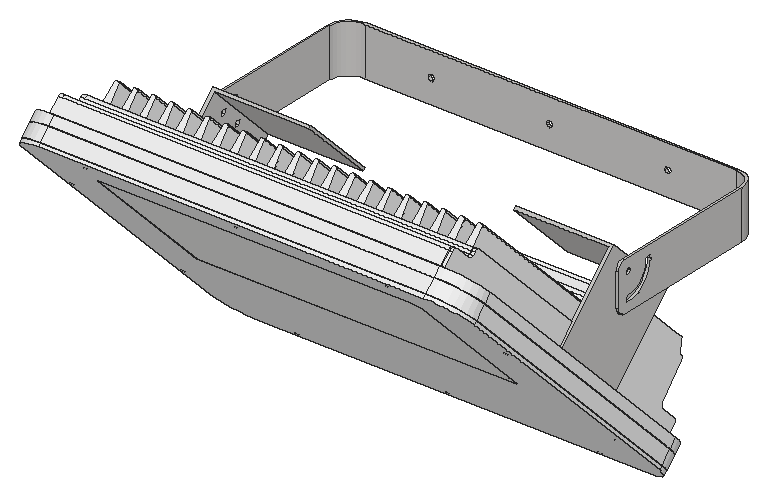
Revit family "FT ATEX LED MAX_2021", category Luminarias, Revit 2021
Family settings
  Cota de conector redondo = Diámetro de uso
  Tipo de pieza = Normal
  Número OmniClass = 23.80.70.00
  Título OmniClass = Lighting
  Se basa en plano de trabajo = No
  Siempre vertical = Sí
  Corte con vacíos al cargar = No
  Origen de luz = Sí
  Compartido = No
  Punto de cálculo de habitación = No
Parameters (values of type "PA304B")
  Wattage = 135.315 W
  built-in parameter 1150110 = 1 (stored number, unit not read)
  URL = "https://www.airfal.com/prod/aplicaciones-iluminacion/luminaria-atex-led-max/"
  built-in parameter 1114217 = 1 (stored number, unit not read)
  Tilt Angle = 90.00°
  built-in parameter 1150109 = 1 (stored number, unit not read)
  built-in parameter 1150134 = 12
  built-in parameter 1150113 = 1 (stored number, unit not read)
  Power = 146 W
  Position = 90.00°
  Archivo de red fotométrica = "PA304B.ies"
  built-in parameter 1150142 = "IESNA:LM-63-2002\r\n[TEST] LEDMAX 2020-1/Converted LDT Editor version 1.3.0.0 - DIAL GmbH (www.dial.de) on 05-10-2020\r\n[TESTLAB] ies2eulumdat.appspot.com\r\n[ISSUEDATE] 2020-10-06T06:30:31.918\r\n[MANUFAC] AIRFAL\r\n[LUMCAT] PA304B\r\n[LUMINAIRE] LED MAX 148W 21366lm ASIMÉTRICA\r\n[LAMPCAT] TRIDONIC LED MODULES\r\n[LAMP] TRIDONIC LED MODULES\r\nTILT=NONE\r\n1\t21366\t1\t91\t72\t1\t2\t0.223\t0.300\t0.003\r\n1.0\t1.0\t153.00\r\n0\t 2\t 4\t 6\t 8\t 10\t 12\t 14\t 16\t 18\r\n20\t 22\t 24\t 26\t 28\t 30\t 32\t 34\t 36\t 38\r\n40\t 42\t 44\t 46\t 48\t 50\t 52\t 54\t 56\t 58\r\n60\t 62\t 64\t 66\t 68\t 70\t 72\t 74\t 76\t 78\r\n80\t 82\t 84\t 86\t 88\t 90\t 92\t 94\t 96\t 98\r\n100\t 102\t 104\t 106\t 108\t 110\t 112\t 114\t 116\t 118\r\n120\t 122\t 124\t 126\t 128\t 130\t 132\t 134\t 136\t 138\r\n140\t 142\t 144\t 146\t 148\t 150\t 152\t 154\t 156\t 158\r\n160\t 162\t 164\t 166\t 168\t 170\t 172\t 174\t 176\t 178\r\n180\r\n0\t 5\t 10\t 15\t 20\t 25\t 30\t 35\t 40\t 45\r\n50\t 55\t 60\t 65\t 70\t 75\t 80\t 85\t 90\t 95\r\n100\t 105\t 110\t 115\t 120\t 125\t 130\t 135\t 140\t 145\r\n150\t 155\t 160\t 165\t 170\t 175\t 180\t 185\t 190\t 195\r\n200\t 205\t 210\t 215\t 220\t 225\t 230\t 235\t 240\t 245\r\n250\t 255\t 260\t 265\t 270\t 275\t 280\t 285\t 290\t 295\r\n300\t 305\t 310\t 315\t 320\t 325\t 330\t 335\t 340\t 345\r\n350\t 355\r\n3501.2464\t3630.938\t3762.5526\t3906.3458\t4057.8307\t4215.0845\t4377.2524\t4527.8827\t4672.1032\t4804.7861\r\n4922.5127\t5031.9067\t5136.8137\t5237.0203\t5334.4492\t5431.6645\t5541.9131\t5655.5802\t5760.0599\t5899.3663\r\n6094.8652\t6356.1713\t6679.0116\t7081.7607\t7533.8653\t7935.5461\t8300.2637\t8629.0864\t9025.2121\t9271.7757\r\n8305.1779\t6801.2251\t4616.7653\t2908.7672\t1907.3428\t1286.0195\t936.4718\t709.3512\t500.1781\t389.9295\r\n310.2343\t243.9997\t196.7809\t164.3045\t136.5287\t110.8895\t0\t0\t0\t0\r\n0\t0\t0\t0\t0\t0\t0\t0\t0\t0\r\n0\t0\t0\t0\t0\t0\t0\t0\t0\t0\r\n0\t0\t0\t0\t0\t0\t0\t0\t0\t0\r\n0\t0\t0\t0\t0\t0\t0\t0\t0\t0\r\n0\r\n3494.8366\t3624.5282\t3754.6472\t3895.6628\t4046.0794\t4203.7605\t4361.4416\t4513.3538\t4658.8563\t4795.8124\r\n4915.0346\t5025.2832\t5129.3356\t5229.7558\t5325.6892\t5421.1952\t5534.435\t5646.1792\t5749.5906\t5881.6325\r\n6071.5762\t6316.0033\t6622.178\t7004.6294\t7456.3067\t7857.3465\t8211.1675\t8517.3422\t8891.2472\t9162.8091\r\n8290.649\t6755.7155\t4777.0103\t3015.5972\t1992.5932\t1359.3049\t980.9131\t742.4685\t524.9626\t406.1677\r\n331.814\t264.0838\t206.3956\t168.7914\t139.0927\t111.3169\t0\t0\t0\t0\r\n0\t0\t0\t0\t0\t0\t0\t0\t0\t0\r\n0\t0\t0\t0\t0\t0\t0\t0\t0\t0\r\n0\t0\t0\t0\t0\t0\t0\t0\t0\t0\r\n0\t0\t0\t0\t0\t0\t0\t0\t0\t0\r\n0\r\n3495.4776\t3623.4599\t3752.0833\t3890.7486\t4038.3877\t4191.3682\t4345.6307\t4496.4747\t4643.0455\t4777.6513\r\n4897.7282\t5007.1221\t5110.9609\t5207.9625\t5300.9046\t5394.4877\t5504.3089\t5614.1302\t5717.5416\t5836.7639\r\n6007.6919\t6238.872\t6519.4076\t6869.5963\t7314.6501\t7705.6479\t8034.898\t8349.6191\t8707.286\t9078.8407\r\n8468.2004\t6870.451\t5119.2936\t3231.6075\t2129.5492\t1455.8792\t1039.6696\t789.0464\t569.8312\t434.7981\r\n357.6668\t288.441\t221.9927\t178.1924\t148.4937\t120.0769\t0\t0\t0\t0\r\n0\t0\t0\t0\t0\t0\t0\t0\t0\t0\r\n0\t0\t0\t0\t0\t0\t0\t0\t0\t0\r\n0\t0\t0\t0\t0\t0\t0\t0\t0\t0\r\n0\t0\t0\t0\t0\t0\t0\t0\t0\t0\r\n0\r\n3489.4951\t3615.5545\t3738.6227\t3873.4421\t4015.3124\t4163.1651\t4310.1632\t4458.0159\t4601.3818\t4734.9193\r\n4854.7825\t4965.0311\t5067.5879\t5161.3846\t5253.4721\t5341.0727\t5443.4158\t5544.2633\t5638.9147\t5740.1896\r\n5877.7866\t6077.1314\t6316.6442\t6616.8365\t7032.8326\t7472.9722\t7852.005\t8182.9643\t8490.2074\t8896.8024\r\n8773.0933\t7229.1861\t5714.9777\t3727.9397\t2435.724\t1646.2503\t1163.5924\t867.6733\t648.8854\t484.7945\r\n404.672\t326.4725\t248.7002\t191.8667\t158.3221\t132.6829\t0\t0\t0\t0\r\n0\t0\t0\t0\t0\t0\t0\t0\t0\t0\r\n0\t0\t0\t0\t0\t0\t0\t0\t0\t0\r\n0\t0\t0\t0\t0\t0\t0\t0\t0\t0\r\n0\t0\t0\t0\t0\t0\t0\t0\t0\t0\r\n0\r\n3492.9137\t3614.0589\t3734.7768\t3862.9728\t3999.5015\t4138.3805\t4283.0284\t4424.4713\t4563.3503\t4691.9736\r\n4810.1276\t4918.6669\t5017.5914\t5109.0379\t5192.579\t5273.1288\t5365.2163\t5453.8852\t5520.1198\t5598.1057\r\n5696.6029\t5858.5572\t6099.7793\t6411.082\t6800.7978\t7253.9707\t7649.028\t7983.6196\t8251.7629\t8623.1039\r\n8888.897\t7779.3606\t6167.5096\t4352.0405\t2839.5414\t1895.1642\t1322.7691\t964.2476\t720.2479\t539.0642\r\n448.2587\t367.0679\t277.9717\t209.8141\t168.7914\t140.3746\t0\t0\t0\t0\r\n0\t0\t0\t0\t0\t0\t0\t0\t0\t0\r\n0\t0\t0\t0\t0\t0\t0\t0\t0\t0\r\n0\t0\t0\t0\t0\t0\t0\t0\t0\t0\r\n0\t0\t0\t0\t0\t0\t0\t0\t0\t0\r\n0\r\n3485.4356\t3602.0939\t3715.5474\t3837.7609\t3965.7433\t4097.3578\t4230.468\t4363.5782\t4497.543\t4622.1068\r\n4735.1329\t4841.3219\t4938.3236\t5023.7876\t5101.1325\t5167.7944\t5239.1569\t5317.3564\t5362.225\t5422.6908\r\n5521.1881\t5674.3823\t5887.1876\t6150.2031\t6489.0679\t6918.9518\t7333.4522\t7688.1278\t7982.1239\t8278.4704\r\n8743.3945\t8527.8116\t6846.3074\t5259.8819\t3575.6001\t2386.7959\t1623.6023\t1153.123\t841.3931\t616.8364\r\n496.1185\t398.6896\t296.7737\t221.1381\t174.9875\t144.0068\t0\t0\t0\t0\r\n0\t0\t0\t0\t0\t0\t0\t0\t0\t0\r\n0\t0\t0\t0\t0\t0\t0\t0\t0\t0\r\n0\t0\t0\t0\t0\t0\t0\t0\t0\t0\r\n0\t0\t0\t0\t0\t0\t0\t0\t0\t0\r\n0\r\n3488.8541\t3598.6754\t3705.719\t3817.8905\t3937.5401\t4058.899\t4182.6082\t4308.2402\t4434.727\t4552.0263\r\n4658.8563\t4757.7809\t4849.2274\t4926.3586\t4994.3025\t5051.9907\t5108.6106\t5180.8277\t5225.269\t5288.5123\r\n5360.3021\t5470.1233\t5638.9147\t5858.3435\t6141.443\t6508.0836\t6939.2495\t7335.1615\t7687.2731\t7938.11\r\n8296.2041\t8695.321\t7799.6583\t6129.0508\t4599.4588\t3142.2976\t2131.4722\t1467.6305\t1042.2335\t746.9554\r\n568.7629\t444.1991\t325.4042\t240.7948\t187.5935\t150.844\t0\t0\t0\t0\r\n0\t0\t0\t0\t0\t0\t0\t0\t0\t0\r\n0\t0\t0\t0\t0\t0\t0\t0\t0\t0\r\n0\t0\t0\t0\t0\t0\t0\t0\t0\t0\r\n0\t0\t0\t0\t0\t0\t0\t0\t0\t0\r\n0\r\n3485.0083\t3587.9924\t3687.7716\t3790.3284\t3898.013\t4009.9709\t4122.5697\t4238.3734\t4350.7586\t4460.5798\r\n4562.923\t4654.3694\t4739.4061\t4813.1188\t4878.4988\t4931.4865\t4981.2692\t5056.4776\t5092.5861\t5139.805\r\n5190.0151\t5259.0272\t5369.2758\t5536.3579\t5751.5135\t6051.2785\t6429.2431\t6875.5788\t7290.5065\t7649.669\r\n7891.5321\t8297.0588\t8483.7976\t7343.0669\t5839.1141\t4435.3679\t3108.112\t2125.4897\t1479.5955\t1048.6433\r\n753.7925\t564.917\t402.5354\t288.441\t213.2327\t162.1679\t0\t0\t0\t0\r\n0\t0\t0\t0\t0\t0\t0\t0\t0\t0\r\n0\t0\t0\t0\t0\t0\t0\t0\t0\t0\r\n0\t0\t0\t0\t0\t0\t0\t0\t0\t0\r\n0\t0\t0\t0\t0\t0\t0\t0\t0\t0\r\n0\r\n3485.8629\t3580.9416\t3671.1061\t3764.9029\t3861.9045\t3961.4701\t4062.3176\t4163.8061\t4264.0126\t4364.0055\r\n4456.5203\t4543.6936\t4623.8161\t4692.6146\t4754.3623\t4806.2817\t4852.6459\t4913.539\t4947.2973\t4982.3375\r\n5012.6773\t5055.6229\t5125.7034\t5241.9344\t5417.563\t5645.1109\t5962.396\t6377.9647\t6848.8713\t7300.3349\r\n7656.0788\t7884.695\t8277.8294\t8289.1534\t7172.3525\t5825.6536\t4552.4536\t3291.646\t2282.3161\t1590.9124\r\n1124.9199\t805.2845\t557.8663\t393.1344\t280.9629\t205.3273\t0\t0\t0\t0\r\n0\t0\t0\t0\t0\t0\t0\t0\t0\t0\r\n0\t0\t0\t0\t0\t0\t0\t0\t0\t0\r\n0\t0\t0\t0\t0\t0\t0\t0\t0\t0\r\n0\t0\t0\t0\t0\t0\t0\t0\t0\t0\r\n0\r\n3482.8717\t3570.6859\t3653.586\t3733.9222\t3820.4545\t3905.4911\t3993.9464\t4081.9743\t4168.7203\t4255.6799\r\n4338.3663\t4417.8478\t4490.7059\t4556.0858\t4615.9106\t4667.83\t4711.203\t4760.1311\t4789.8299\t4821.0242\r\n4852.2186\t4871.448\t4916.1029\t4989.8156\t5107.9696\t5290.0079\t5516.4875\t5843.1737\t6292.287\t6823.4458\r\n7347.7674\t7777.865\t8044.299\t8336.7995\t8475.6785\t7606.5097\t6605.9399\t5519.6924\t3948.8641\t2657.2894\r\n1830.2116\t1287.0878\t890.3212\t599.9573\t395.6983\t248.9139\t0\t0\t0\t0\r\n0\t0\t0\t0\t0\t0\t0\t0\t0\t0\r\n0\t0\t0\t0\t0\t0\t0\t0\t0\t0\r\n0\t0\t0\t0\t0\t0\t0\t0\t0\t0\r\n0\t0\t0\t0\t0\t0\t0\t0\t0\t0\r\n0\r\n3482.4443\t3561.7122\t3635.8522\t3705.719\t3779.2181\t3852.5035\t3926.6435\t3997.3649\t4075.1372\t4146.4996\r\n4216.5801\t4284.7376\t4349.263\t4413.361\t4469.9809\t4519.3363\t4559.2907\t4598.6042\t4649.4553\t4653.5148\r\n4690.9053\t4722.7406\t4757.7809\t4805.8544\t4878.9261\t4993.2342\t5186.1692\t5437.006\t5809.8427\t6322.8404\r\n6948.2232\t7627.8757\t8218.4319\t8604.3019\t8886.974\t8955.9862\t8315.0062\t7153.9778\t5324.6209\t3546.756\r\n2407.5209\t1638.7722\t1092.8709\t705.5053\t446.1221\t282.0312\t0\t0\t0\t0\r\n0\t0\t0\t0\t0\t0\t0\t0\t0\t0\r\n0\t0\t0\t0\t0\t0\t0\t0\t0\t0\r\n0\t0\t0\t0\t0\t0\t0\t0\t0\t0\r\n0\t0\t0\t0\t0\t0\t0\t0\t0\t0\r\n0\r\n3479.6668\t3549.3199\t3613.6316\t3672.6017\t3730.7173\t3793.5333\t3852.9308\t3911.26\t3973.6487\t4031.5505\r\n4087.1021\t4141.3718\t4196.9234\t4251.834\t4304.608\t4352.2542\t4392.2086\t4425.3259\t4483.8688\t4499.4659\r\n4529.1647\t4580.6567\t4607.7916\t4643.4728\t4687.4867\t4780.4288\t4920.5898\t5142.5825\t5423.9728\t5850.0108\r\n6488.6405\t7277.6869\t8157.7525\t8912.6132\t9127.7689\t9139.0928\t8995.086\t7924.2221\t6011.3241\t4108.8955\r\n2704.5083\t1772.5234\t1138.8078\t710.4195\t430.7386\t264.0838\t0\t0\t0\t0\r\n0\t0\t0\t0\t0\t0\t0\t0\t0\t0\r\n0\t0\t0\t0\t0\t0\t0\t0\t0\t0\r\n0\t0\t0\t0\t0\t0\t0\t0\t0\t0\r\n0\t0\t0\t0\t0\t0\t0\t0\t0\t0\r\n0\r\n3482.4443\t3542.4828\t3595.2568\t3643.7576\t3688.1989\t3738.1954\t3782.8503\t3828.3599\t3873.8695\t3921.7293\r\n3960.8291\t4002.4928\t4045.0111\t4089.0251\t4132.3981\t4173.2071\t4212.7342\t4248.8428\t4295.207\t4336.2297\r\n4387.2944\t4428.3172\t4464.853\t4491.1332\t4549.4624\t4642.4045\t4769.5322\t4953.0661\t5238.7295\t5576.0987\r\n6170.7145\t6913.183\t7735.3466\t8501.9587\t8963.037\t9007.051\t8403.6751\t7375.1159\t5671.391\t4020.6539\r\n2645.9654\t1652.2328\t1009.1162\t609.572\t368.9908\t233.9577\t0\t0\t0\t0\r\n0\t0\t0\t0\t0\t0\t0\t0\t0\t0\r\n0\t0\t0\t0\t0\t0\t0\t0\t0\t0\r\n0\t0\t0\t0\t0\t0\t0\t0\t0\t0\r\n0\t0\t0\t0\t0\t0\t0\t0\t0\t0\r\n0\r\n3478.1711\t3527.5266\t3569.6176\t3606.7945\t3640.3391\t3674.952\t3709.1376\t3742.2549\t3771.9536\t3803.5753\r\n3829.8555\t3859.5542\t3887.7574\t3918.7381\t3951.428\t3983.6907\t4019.7992\t4052.9165\t4092.4436\t4159.7465\r\n4208.2474\t4249.2701\t4283.0284\t4334.3068\t4412.5063\t4518.268\t4643.4728\t4818.2467\t5094.7227\t5451.7486\r\n5946.5851\t6509.3656\t7139.2352\t7694.5376\t8071.2202\t8097.2867\t7323.6238\t6198.7039\t5003.7035\t3682.4301\r\n2374.4036\t1460.3661\t867.6733\t503.1693\t305.3201\t200.4131\t0\t0\t0\t0\r\n0\t0\t0\t0\t0\t0\t0\t0\t0\t0\r\n0\t0\t0\t0\t0\t0\t0\t0\t0\t0\r\n0\t0\t0\t0\t0\t0\t0\t0\t0\t0\r\n0\t0\t0\t0\t0\t0\t0\t0\t0\t0\r\n0\r\n3479.6668\t3517.2709\t3550.3882\t3577.9504\t3597.1798\t3620.896\t3642.6893\t3662.1324\t3678.7979\t3693.7541\r\n3709.1376\t3726.4441\t3742.6822\t3757.6384\t3780.2864\t3803.5753\t3831.1375\t3862.9728\t3903.5682\t3965.7433\r\n4007.407\t4049.498\t4089.8797\t4158.6782\t4252.6886\t4363.1509\t4499.6796\t4692.6146\t4941.3148\t5332.099\r\n5706.4313\t6123.4956\t6548.8927\t6850.7942\t6936.8992\t6786.9099\t6064.7391\t5196.4249\t4302.2578\t3049.1419\r\n1993.4478\t1191.7955\t657.4318\t376.0416\t253.1871\t193.3623\t0\t0\t0\t0\r\n0\t0\t0\t0\t0\t0\t0\t0\t0\t0\r\n0\t0\t0\t0\t0\t0\t0\t0\t0\t0\r\n0\t0\t0\t0\t0\t0\t0\t0\t0\t0\r\n0\t0\t0\t0\t0\t0\t0\t0\t0\t0\r\n0\r\n3476.0345\t3502.742\t3526.031\t3541.8418\t3551.8838\t3563.2078\t3575.6001\t3583.9328\t3586.9241\t3589.2743\r\n3592.6929\t3597.1798\t3601.6666\t3606.5808\t3616.1955\t3629.4424\t3646.3216\t3674.952\t3707.001\t3754.0062\r\n3793.5333\t3824.3003\t3866.8187\t3942.027\t4034.5418\t4142.4401\t4274.9093\t4460.3662\t4706.2888\t5044.2989\r\n5332.5263\t5637.2054\t5927.1421\t6073.7128\t6001.2821\t5816.8935\t5243.6437\t4450.9651\t3639.6981\t2588.7046\r\n1670.6075\t987.9638\t546.7559\t341.215\t254.8964\t197.4218\t0\t0\t0\t0\r\n0\t0\t0\t0\t0\t0\t0\t0\t0\t0\r\n0\t0\t0\t0\t0\t0\t0\t0\t0\t0\r\n0\t0\t0\t0\t0\t0\t0\t0\t0\t0\r\n0\t0\t0\t0\t0\t0\t0\t0\t0\t0\r\n0\r\n3474.1116\t3491.4181\t3503.8103\t3507.2289\t3508.7245\t3508.2972\t3509.1518\t3506.3743\t3498.4688\t3489.4951\r\n3482.8717\t3475.6072\t3470.0521\t3464.7106\t3466.2062\t3471.7613\t3482.017\t3495.2639\t3517.0573\t3553.8068\r\n3583.2919\t3598.889\t3639.9118\t3706.5737\t3792.6787\t3886.2617\t3998.4332\t4165.088\t4378.9617\t4639.1996\r\n4852.8596\t5064.383\t5266.2917\t5332.9536\t5206.4669\t4977.8507\t4559.2907\t3823.4457\t2972.0106\t2164.5895\r\n1473.1857\t938.822\t534.15\t357.2395\t275.6214\t218.1469\t0\t0\t0\t0\r\n0\t0\t0\t0\t0\t0\t0\t0\t0\t0\r\n0\t0\t0\t0\t0\t0\t0\t0\t0\t0\r\n0\t0\t0\t0\t0\t0\t0\t0\t0\t0\r\n0\t0\t0\t0\t0\t0\t0\t0\t0\t0\r\n0\r\n3471.7613\t3478.1711\t3479.6668\t3474.1116\t3464.7106\t3455.7368\t3445.4812\t3432.6616\t3416.6371\t3399.3306\r\n3382.6651\t3367.7089\t3352.5391\t3344.6336\t3339.5058\t3342.0697\t3332.2414\t3328.6091\t3350.8298\t3377.11\r\n3391.4252\t3394.8437\t3428.1747\t3473.0433\t3535.432\t3610.213\t3695.677\t3809.9851\t3962.9657\t4148.2089\r\n4294.3523\t4418.0615\t4535.5745\t4576.1699\t4465.0667\t4216.1528\t3874.7241\t3354.8893\t2702.799\t2086.6036\r\n1564.2049\t1106.5451\t699.9502\t432.4478\t345.2746\t266.0067\t0\t0\t0\t0\r\n0\t0\t0\t0\t0\t0\t0\t0\t0\t0\r\n0\t0\t0\t0\t0\t0\t0\t0\t0\t0\r\n0\t0\t0\t0\t0\t0\t0\t0\t0\t0\r\n0\t0\t0\t0\t0\t0\t0\t0\t0\t0\r\n0\r\n3499.9645\t3493.982\t3483.0853\t3465.7789\t3443.9855\t3422.1922\t3402.3218\t3379.6739\t3352.9664\t3327.5408\r\n3300.406\t3275.8351\t3253.4008\t3239.7266\t3229.2572\t3219.2152\t3191.2258\t3185.6706\t3200.4131\t3213.8737\r\n3206.3956\t3202.9771\t3225.1977\t3257.4604\t3298.0558\t3344.6336\t3393.5618\t3463.2149\t3559.7893\t3671.1061\r\n3747.5964\t3792.6787\t3816.8222\t3805.0709\t3711.0605\t3496.9732\t3203.618\t2876.5046\t2486.3614\t2084.6806\r\n1707.998\t1347.5536\t1000.7834\t697.3862\t441.8489\t295.9191\t0\t0\t0\t0\r\n0\t0\t0\t0\t0\t0\t0\t0\t0\t0\r\n0\t0\t0\t0\t0\t0\t0\t0\t0\t0\r\n0\t0\t0\t0\t0\t0\t0\t0\t0\t0\r\n0\t0\t0\t0\t0\t0\t0\t0\t0\t0\r\n0\r\n3505.306\t3489.0678\t3467.7018\t3437.5757\t3407.877\t3377.11\t3346.9839\t3316.4305\t3282.6722\t3249.5549\r\n3214.301\t3183.7477\t3161.0997\t3141.6566\t3125.4185\t3092.3012\t3060.0385\t3057.0473\t3065.38\t3058.5429\r\n3032.2627\t3026.9212\t3036.7496\t3057.4746\t3077.345\t3099.9929\t3126.7004\t3154.9036\t3201.0541\t3251.9052\r\n3296.9875\t3291.005\t3258.5287\t3221.3518\t3149.5621\t2994.2312\t2786.981\t2563.279\t2314.1515\t2085.9626\r\n1828.2886\t1582.366\t1346.058\t1060.1809\t655.5089\t401.2535\t0\t0\t0\t0\r\n0\t0\t0\t0\t0\t0\t0\t0\t0\t0\r\n0\t0\t0\t0\t0\t0\t0\t0\t0\t0\r\n0\t0\t0\t0\t0\t0\t0\t0\t0\t0\r\n0\t0\t0\t0\t0\t0\t0\t0\t0\t0\r\n0\r\n3516.2026\t3487.5722\t3454.8822\t3417.7054\t3377.5373\t3338.0102\t3299.5514\t3260.0243\t3219.4289\t3179.6881\r\n3141.2293\t3107.0437\t3081.4045\t3058.1156\t3025.4256\t2980.9843\t2952.1402\t2942.9528\t2940.3889\t2919.0229\r\n2885.051\t2872.445\t2870.5221\t2874.5816\t2873.5133\t2875.6499\t2879.0685\t2882.0597\t2886.3329\t2894.452\r\n2914.5361\t2908.7672\t2868.5992\t2812.8339\t2759.4189\t2671.6046\t2539.1354\t2381.4544\t2218.6454\t2092.586\r\n1938.5372\t1725.5182\t1503.7391\t1212.9478\t636.0658\t377.5372\t0\t0\t0\t0\r\n0\t0\t0\t0\t0\t0\t0\t0\t0\t0\r\n0\t0\t0\t0\t0\t0\t0\t0\t0\t0\r\n0\t0\t0\t0\t0\t0\t0\t0\t0\t0\r\n0\t0\t0\t0\t0\t0\t0\t0\t0\t0\r\n0\r\n3513.2114\t3474.5389\t3432.6616\t3386.511\t3336.0872\t3288.2274\t3241.6495\t3195.7126\t3148.7074\t3106.6164\r\n3064.5254\t3028.4168\t2997.8635\t2965.1735\t2913.2541\t2865.1806\t2833.9862\t2822.0213\t2805.3558\t2770.7429\r\n2735.0617\t2718.1825\t2708.7815\t2701.3034\t2687.6291\t2665.1948\t2647.0337\t2627.8043\t2608.7886\t2590.6275\r\n2589.5592\t2597.6783\t2577.3806\t2526.3158\t2475.2511\t2411.5804\t2331.8852\t2236.8065\t2157.7523\t2101.9871\r\n1995.1571\t1751.1574\t1422.5483\t1109.1091\t607.4354\t323.4812\t0\t0\t0\t0\r\n0\t0\t0\t0\t0\t0\t0\t0\t0\t0\r\n0\t0\t0\t0\t0\t0\t0\t0\t0\t0\r\n0\t0\t0\t0\t0\t0\t0\t0\t0\t0\r\n0\t0\t0\t0\t0\t0\t0\t0\t0\t0\r\n0\r\n3515.7753\t3467.0608\t3416.8507\t3361.2991\t3302.5426\t3247.4183\t3194.0033\t3142.084\t3090.8056\t3043.373\r\n2998.7181\t2954.7041\t2923.0825\t2871.5904\t2811.1246\t2759.4189\t2722.6694\t2703.44\t2676.0915\t2630.5819\r\n2591.0548\t2572.6801\t2555.5873\t2533.3666\t2515.8465\t2489.78\t2457.9446\t2425.8956\t2395.1286\t2365.0025\r\n2340.859\t2346.8414\t2340.218\t2317.1427\t2275.479\t2231.465\t2191.9379\t2146.001\t2119.0799\t2062.6736\r\n1934.0503\t1700.0926\t1378.5343\t865.7503\t423.4741\t204.8999\t0\t0\t0\t0\r\n0\t0\t0\t0\t0\t0\t0\t0\t0\t0\r\n0\t0\t0\t0\t0\t0\t0\t0\t0\t0\r\n0\t0\t0\t0\t0\t0\t0\t0\t0\t0\r\n0\t0\t0\t0\t0\t0\t0\t0\t0\t0\r\n0\r\n3517.0573\t3457.8734\t3398.476\t3335.2326\t3266.4341\t3205.1137\t3146.9981\t3091.2329\t3034.8266\t2983.7619\r\n2933.9791\t2889.3242\t2842.5326\t2777.1527\t2709.4225\t2652.3752\t2607.293\t2584.2177\t2540.2037\t2488.7117\r\n2451.1075\t2425.4683\t2402.6067\t2378.4631\t2355.1742\t2332.3126\t2302.1865\t2265.6506\t2230.6104\t2192.3653\r\n2168.649\t2157.325\t2171.6402\t2176.5544\t2167.1534\t2155.8294\t2135.1044\t2109.8925\t2057.7595\t1943.665\r\n1774.019\t1537.9247\t1204.4014\t667.2602\t266.2204\t163.2362\t0\t0\t0\t0\r\n0\t0\t0\t0\t0\t0\t0\t0\t0\t0\r\n0\t0\t0\t0\t0\t0\t0\t0\t0\t0\r\n0\t0\t0\t0\t0\t0\t0\t0\t0\t0\r\n0\t0\t0\t0\t0\t0\t0\t0\t0\t0\r\n0\r\n3516.6299\t3448.2587\t3381.5968\t3312.371\t3237.59\t3170.5007\t3106.6164\t3044.655\t2983.7619\t2928.424\r\n2875.009\t2826.0808\t2762.1965\t2688.4838\t2611.9935\t2547.0409\t2493.6259\t2461.3632\t2408.1619\t2351.1146\r\n2316.0744\t2288.9396\t2266.7189\t2241.9344\t2217.5771\t2190.8696\t2158.3933\t2124.2077\t2096.8592\t2075.2796\r\n2058.4004\t2050.495\t2056.9048\t2078.0572\t2116.0886\t2144.2918\t2144.9327\t2108.3969\t1997.08\t1813.9734\r\n1578.5201\t1305.4626\t856.7766\t389.2885\t198.2765\t151.4849\t0\t0\t0\t0\r\n0\t0\t0\t0\t0\t0\t0\t0\t0\t0\r\n0\t0\t0\t0\t0\t0\t0\t0\t0\t0\r\n0\t0\t0\t0\t0\t0\t0\t0\t0\t0\r\n0\t0\t0\t0\t0\t0\t0\t0\t0\t0\r\n0\r\n3515.1343\t3439.0714\t3365.3587\t3287.1591\t3207.4639\t3133.7512\t3062.6024\t2992.7356\t2930.5606\t2871.5904\r\n2814.3295\t2754.7184\t2675.2369\t2591.6958\t2513.0689\t2439.7835\t2381.4544\t2342.3546\t2281.4615\t2224.4143\r\n2188.9467\t2161.5982\t2137.4546\t2115.6613\t2087.0309\t2057.9731\t2035.1115\t2018.2324\t1990.4566\t1959.9032\r\n1950.9295\t1951.3568\t1973.1501\t2023.1465\t2103.4827\t2156.684\t2179.5457\t2111.3881\t1945.588\t1692.1872\r\n1414.8565\t1000.3561\t519.8348\t281.6039\t191.012\t156.1855\t0\t0\t0\t0\r\n0\t0\t0\t0\t0\t0\t0\t0\t0\t0\r\n0\t0\t0\t0\t0\t0\t0\t0\t0\t0\r\n0\t0\t0\t0\t0\t0\t0\t0\t0\t0\r\n0\t0\t0\t0\t0\t0\t0\t0\t0\t0\r\n0\r\n3517.6982\t3432.0206\t3351.0434\t3266.8614\t3183.1067\t3101.7022\t3023.0753\t2949.79\t2884.8373\t2819.03\r\n2757.9233\t2683.9969\t2592.9778\t2503.6679\t2419.4858\t2340.4316\t2274.4107\t2230.6104\t2166.7261\t2109.2515\r\n2073.784\t2046.4355\t2021.6509\t1998.5756\t1980.6282\t1963.3217\t1943.4514\t1919.7351\t1894.0959\t1872.7299\r\n1875.9348\t1897.5145\t1930.8454\t2007.763\t2080.6211\t2150.9152\t2148.3513\t2035.5388\t1830.8525\t1545.8301\r\n1241.5783\t815.1129\t423.0468\t260.2379\t196.7809\t160.245\t0\t0\t0\t0\r\n0\t0\t0\t0\t0\t0\t0\t0\t0\t0\r\n0\t0\t0\t0\t0\t0\t0\t0\t0\t0\r\n0\t0\t0\t0\t0\t0\t0\t
